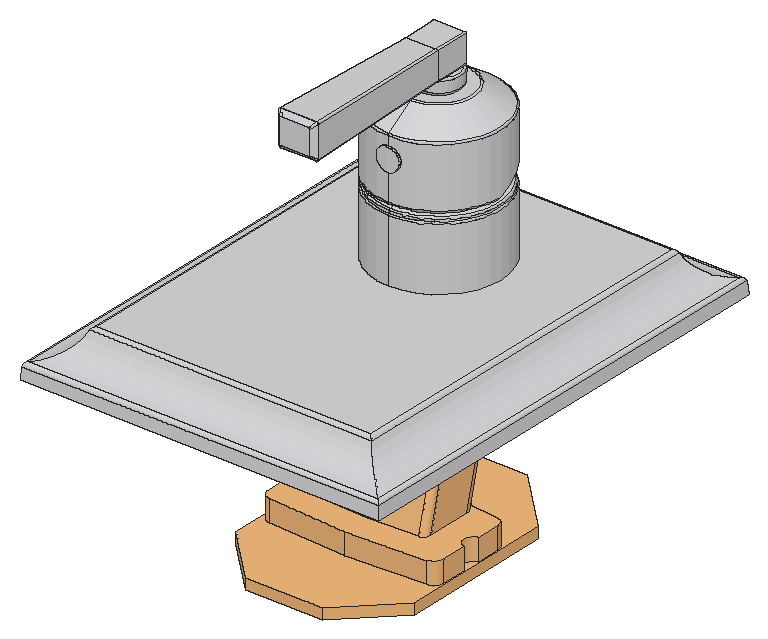
Revit family "Shower-Valve_Trim-KOHLER-MODULO-K-99961T", category Plumbing Fixtures, host Face, Revit 2017
Family settings
  Host = Face
  Round Connector Dimension = Use Diameter
  Part Type = Normal
  OmniClass Number = 23.31.25.00
  OmniClass Title = Toilet and Bath Specialties
  Cut with Voids When Loaded = No
  Shared = No
  Room Calculation Point = No
Parameters (values of type "CP-Polished Chrome")
  Width = 5 131/256"  # constant formula
  WaterSense Certified = 1 = 0  # no
  Waste Water Outlet = "Waste Water Outlet"  # constant formula
  Waste Connection = 1 = 0  # no
  Vent Connection = 1 = 0  # no
  URL = "http://www.kohler.com.cn/"
  Type = 1
  Tempered Water Outlet = "Tempered Water Outlet "  # constant formula
  Product Page URL = ""
  Product Name = "MODULO\r\n"  # constant formula
  Product Documentation Link = "https://files.kohler.com.cn/pdfs/1592901839859_1403890-2_A1（99960T,99961T,99962T,99963T,99964T,99965T).pdf"
  Pressure = 0.00 psi
  Panel Thickness = 0"
  Model = if(Type = 1, "K-99961T-4V-CP", if(Type = 2, "K-99961T-4V-BL", "NA"))  # "K-99961T-4V-CP"
  Material = "Premium Metal Construction"  # constant formula
  Master Format 2014 Name = "Residential Showers"  # constant formula
  Master Format 2014 = "22 42 23"  # constant formula
  Manufacturer Address = "Kohler Beijing Office (100016)\n36-2-03-B, No. 88, Liuxiang Road, Beijing"  # constant formula
  Manufacturer = "KOHLER Co."  # constant formula
  Length = 3 25/32"  # constant formula
  Hot Water Inlet = "Hot Water Inlet"  # constant formula
  Height = 7 11/128"  # constant formula
  HW Connection = 1 = 1  # yes
  Flow Rate = 0 GPM
  Finish = Kohler-Metal-CP-Polished_Chrome
  Environmental Product Declaration = ""
  Drain Included = 1 = 0  # no
  Description = "Smart formula-shaped in-wall shower valve core and panel—classic"  # constant formula
  Default Elevation = 42"
  Declare Label = ""
  Date Modified = "09/30/2020"  # constant formula
  Date Created = "09/30/2020"  # constant formula
  Copyright = "Copyright KOHLER Co."  # constant formula
  Contact Us = "http://www.kohler.com.cn/contact/contact-us/"
  Cold Water Inlet = "Cold Water Inlet"  # constant formula
  CW Connection = 1 = 1  # yes
  Assembly Code = "D2010700"
  ADA Compliant = 1 = 0  # no
Types (3): name | Type | Model | Finish
  (no name) | 1 | "K-99961T-4V-CP" | Kohler-Metal-CP-Polished_Chrome
  CP-Polished Chrome | 1 | "K-99961T-4V-CP" | Kohler-Metal-CP-Polished_Chrome
  BL-Matte Black | 2 | "K-99961T-4V-BL" | Kohler-Metal-BL-Matte_Black
Reference planes (in)
  plane 1 "Center (Front/Back)": y = 0
  plane 2: z = 0
  plane 3 "Center (Left/Right)": x = 0
  plane 4: y = 3.54331
  plane 5: x = 2.75591
  plane 6: y = -1.7126
  plane 7: y = 1.04331
  plane 8: y = -3.54263
  plane 9: x = -2.75581
  plane 10: y = 2.00787
  plane 11: x = 0.96457
  plane 12: x = -0.96457
  plane 13: y = 0.07874
  plane 14: z = 3.78125
Forms (in)
  Extrusion 1, void
    sketch origin (0, 0, 0) x (0, 1, 0) y (0, 0, 1)
      loop
        line (2.25787, 0) -> (-2.24213, 0) -> (-2.24213, -3) -> (2.25787, -3) -> (2.25787, 0)
    from -2.10686 to 2.15381
Dimensions and locks (in)
  "Width": plane 9 to plane 5
  "Height": plane 8 to plane 4
  "Length": plane 14 to level
  aligned and locked: plane 2 to host face
  aligned and locked: level to host face
Automatic sketch dimensions
  host sketch curve to host sketch curve = 96"  (x2)
  Extrusion 1 sketch curve to level = 0"
  plane 6 to Extrusion 1 sketch curve = 0.52953"
  plane 10 to Extrusion 1 sketch curve = 1/4"
  Extrusion 1 sketch curve to level = 3"
Nested families (in)
  nested 1: "K-99961T" at (0, 0, 0), type "K-99961T"
Connectors (in)
  piping at (0.96457, -0.08858, -2.84375), diameter 0.5, driven by "CW Connection", driven by "Cold Water Inlet"
    settings: on nested 1, index 5, connector inside diameter 24", connector length 0", flow factor 0, pipe flow 0 GPM, pressure drop 0.00 psi, fitting loss kfactor 0, connector angle 0.00°, fixture units 0, engagement length 0", angle of deflection 0.00°, flow configuration 0, flow direction 1, fitting loss method 0, system type 20, joint type 0, gender type 0, connector reference index -1, connector utility 1, adjustable connector yes, is connector primary yes, connector description "Cold Water Inlet"
  piping at (-0.96457, -0.08858, -2.84375), diameter 0.5, driven by "HW Connection", driven by "HW Connection", driven by "Hot Water Inlet"
    settings: on nested 1, index 7, connector inside diameter 24", connector length 0", flow factor 0, pipe flow 0 GPM, pressure drop 0.00 psi, fitting loss kfactor 0, connector angle 0.00°, fixture units 0, engagement length 0", angle of deflection 0.00°, flow configuration 0, flow direction 1, fitting loss method 0, system type 19, joint type 0, gender type 0, connector reference index -1, connector utility 1, adjustable connector yes, is connector primary no, connector description "Hot Water Inlet"
  piping at (0, 0.87598, -2.84375), diameter 0.5, driven by "HW Connection", driven by "Tempered Water Outlet"
    settings: on nested 1, index 8, connector inside diameter 24", connector length 0", flow factor 0, pipe flow 0 GPM, pressure drop 0.00 psi, fitting loss kfactor 0, connector angle 0.00°, fixture units 0, engagement length 0", angle of deflection 0.00°, flow configuration 0, flow direction 2, fitting loss method 0, system type 19, joint type 0, gender type 0, connector reference index -1, connector utility 1, adjustable connector no, is connector primary no, connector description "Tempered Water Outlet "
  piping at (-0.96457, -0.08858, -2.84375), diameter 0.5, driven by "HW Connection", driven by "Hot Water Inlet"
    settings: on nested 1, index 9, connector inside diameter 24", connector length 0", flow factor 0, pipe flow 0 GPM, pressure drop 0.00 psi, fitting loss kfactor 0, connector angle 0.00°, fixture units 0, engagement length 0", angle of deflection 0.00°, flow configuration 0, flow direction 2, fitting loss method 0, system type 19, joint type 0, gender type 0, connector reference index -1, connector utility 1, adjustable connector no, is connector primary no, connector description "Hot Water Inlet"
Definition of nested family "K-99961T"
  Parameters (values of type "K-99961T")
    Material = none
  Reference planes (in)
    plane 1 "Center (Front/Back)": y = 0
    plane 2: z = 0
    plane 3 "Center (Left/Right)": x = 0
    plane 4: x = -2.75591
    plane 5: x = 2.75591
    plane 6: y = 3.54331
    plane 7: y = -3.54331
    plane 8: z = 0.66929
    plane 9 "X": y = 1.04331
    plane 10: y = 2.00787
    plane 11: y = 0.07874
    plane 12: x = -0.96457
    plane 13: x = 0.96457
    plane 14: y = -1.7126
    plane 15: z = 3.77936
  Forms (in)
    Sweep 1, solid, material <- "Material", detail levels medium+fine
      path origin (0, 0, 0) x (1, 0, 0) y (0, 1, 0)
        loop
          line (-2.75591, 3.54331) -> (-2.75591, -3.54331) -> (2.75591, -3.54331) -> (2.75591, 3.54331) -> (-2.75591, 3.54331)
      profile origin (0, 3.54331, 0) x (0, 1, 0) y (0, 0, 1)
        loop
          line (0, 0) -> (-0.01602, 0.18307)
          arc (-0.01602, 0.18307) -> (-0.03369, 0.22088) -> (-0.07158, 0.23842) r 0.06087
          arc (-0.07158, 0.23842) -> (-0.39037, 0.35915) -> (-0.59715, 0.63016) r 0.61997
          arc (-0.59715, 0.63016) -> (-0.61978, 0.65858) -> (-0.6545, 0.66929) r 0.06159
          line (-0.6545, 0.66929) -> (-0.88419, 0.66929) -> (-0.88419, 0) -> (0, 0)
    Extrusion 2, solid, material <- "Material", detail levels medium+fine
      sketch origin (0, 0, 0) x (1, 0, 0) y (0, 1, 0)
        loop
          line (-1.87172, 2.65912) -> (-1.87172, -2.65912) -> (1.87172, -2.65912) -> (1.87172, 2.65912) -> (-1.87172, 2.65912)
      from 0 to 0.66929
    Revolve 3, solid, material <- "Material", detail levels medium+fine
      sketch origin (0, 0, 0) x (0, 1, 0) y (0, 0, 1)
        loop
          line (1.04331, 0.66929) -> (1.04331, 2.18504) -> (0.35689, 2.18504)
          arc (0.35689, 2.18504) -> (0.29571, 2.03709) -> (0.27963, 1.8778) r 0.55127
          arc (0.27963, 1.8778) -> (0.25305, 1.78842) -> (0.1768, 1.73474) r 0.14216
          line (0.1768, 1.73474) -> (0.11785, 1.71784)
          arc (0.11785, 1.71784) -> (0.10351, 1.70798) -> (0.09799, 1.69148) r 0.02743
          line (0.09799, 1.69148) -> (0.09799, 1.65911)
          arc (0.09799, 1.65911) -> (0.08419, 1.65122) -> (0.07874, 1.63629) r 0.02315
          line (0.07874, 1.63629) -> (0.07874, 0.66929) -> (1.04331, 0.66929)
        axis (1.04331, 2.18504) -> (1.04331, 0.66929)
      angle from 0 to 360
    Revolve 4, solid, material <- "Material", detail levels medium+fine
      sketch origin (0, 0, 0) x (0, 1, 0) y (0, 0, 1)
        loop
          line (1.04331, 3.27363) -> (0.7333, 3.27363)
          arc (0.7333, 3.27363) -> (0.71555, 3.26606) -> (0.70874, 3.248) r 0.02458
          line (0.70874, 3.248) -> (0.71597, 3.07849)
          arc (0.71597, 3.07849) -> (0.72403, 3.05686) -> (0.74326, 3.04409) r 0.03736
          line (0.74326, 3.04409) -> (0.53559, 3.04409)
          arc (0.53559, 3.04409) -> (0.51899, 3.04161) -> (0.50383, 3.03438) r 0.0568
          line (0.50383, 3.03438) -> (0.09565, 2.75906)
          arc (0.09565, 2.75906) -> (0.08323, 2.74527) -> (0.07874, 2.72727) r 0.03835
          line (0.07874, 2.72727) -> (0.07874, 1.81617)
          arc (0.07874, 1.81617) -> (0.08813, 1.79351) -> (0.11078, 1.78413) r 0.03204
          line (0.11078, 1.78413) -> (1.04331, 1.78413) -> (1.04331, 3.27363)
        axis (1.04331, 3.27363) -> (1.04331, 1.78413)
      angle from 0 to 360
    Extrusion 5, solid, material <- "Material", detail levels medium+fine
      sketch origin (0, 0, 0) x (1, 0, 0) y (0, 0, 1)
        loop
          circle (0, 2.4221) r 0.17545
      from -0.33104 to 0.12575
    Extrusion 6, void, detail levels medium+fine
      sketch origin (0, 0, 0) x (0, 1, 0) y (0, 0, 1)
        loop
          line (0.81683, 1.75031) -> (2.06964, 1.75031) -> (2.06964, 2.18168) -> (0.81683, 1.75031)
      from -1.33673 to 1.49057
    Extrusion 7, void, detail levels medium+fine
      sketch origin (0, 0.05536, 0) x (1, 0, 0) y (0, 1, 0)
        loop
          line (-0.44538, 0.09826) -> (-0.44538, -0.25416) -> (0.43086, -0.25416) -> (0.43086, 0.09155)
          arc (0.43086, 0.09155) -> (-0.008, -0.0014) -> (-0.44538, 0.09826) r 1.04474
      from 2.18504 to 2.73281
    Extrusion 8, solid, detail levels medium+fine
      sketch origin (0.00389, -0.00101, 0) x (1, 0, 0) y (0, 1, 0)
        loop
          line (-0.97075, -3.0154) -> (0.96626, -3.0154)
          arc (0.96626, -3.0154) -> (1.67336, -2.72251) -> (1.96626, -2.0154) r 1
          line (1.96626, -2.0154) -> (1.96626, 2.00822)
          arc (1.96626, 2.00822) -> (1.67336, 2.71533) -> (0.96626, 3.00822) r 1
          line (0.96626, 3.00822) -> (-0.97075, 3.00822)
          arc (-0.97075, 3.00822) -> (-1.67786, 2.71533) -> (-1.97075, 2.00822) r 1
          line (-1.97075, 2.00822) -> (-1.97075, -2.0154)
          arc (-1.97075, -2.0154) -> (-1.67786, -2.72251) -> (-0.97075, -3.0154) r 1
      from -0.07982 to 0
    Sweep 9, solid, detail levels medium+fine
      path origin (-0.00043, 0.00916, -0.00479) x (0, 1, 0) y (0, 0, 1)
        loop
          line (0.78311, -2.79502) -> (1.53342, 0.00517)
      profile origin (-0.00043, 1.16742, -1.39971) x (0, -0.965926, 0.258819) y (1, 0, 0)
        loop
          arc (0.25209, 0.486) -> (0.21961, 0.41977) -> (0.15089, 0.39299) r 0.10156
          line (0.15089, 0.39299) -> (0.11122, 0.39299)
          arc (0.11122, 0.39299) -> (0.04154, 0.36496) -> (0.01069, 0.29648) r 0.10061
          line (0.01069, 0.29648) -> (-0.00149, -0.00225) -> (0.01066, -0.30006)
          arc (0.01066, -0.30006) -> (0.0418, -0.36919) -> (0.11214, -0.39749) r 0.10156
          line (0.11214, -0.39749) -> (0.14307, -0.39749)
          arc (0.14307, -0.39749) -> (0.2118, -0.42427) -> (0.24427, -0.4905) r 0.10156
          line (0.24427, -0.4905) -> (0.26949, -0.78891)
          arc (0.26949, -0.78891) -> (0.30197, -0.85514) -> (0.37069, -0.88192) r 0.10156
          line (0.37069, -0.88192) -> (1.05187, -0.88192)
          arc (1.05187, -0.88192) -> (1.12185, -0.85397) -> (1.1533, -0.7855) r 0.10156
          line (1.1533, -0.7855) -> (1.19295, -0.00225) -> (1.15469, 0.75366)
          arc (1.15469, 0.75366) -> (1.12323, 0.82213) -> (1.05326, 0.85008) r 0.10156
          line (1.05326, 0.85008) -> (0.3762, 0.85008)
          arc (0.3762, 0.85008) -> (0.30747, 0.8233) -> (0.27499, 0.75707) r 0.10156
          line (0.27499, 0.75707) -> (0.25209, 0.486)
    Extrusion 10, solid, detail levels medium+fine
      sketch origin (-0.00287, -0.00469, 0) x (1, 0, 0) y (0, 1, 0)
        loop
          arc (0.69439, 0.69724) -> (0.61884, 0.7345) -> (0.5883, 0.81301) r 0.11622
          line (0.5883, 0.81301) -> (0.5883, 0.86632)
          arc (0.5883, 0.86632) -> (0.53381, 1.00191) -> (0.40063, 1.06208) r 0.19594
          line (0.40063, 1.06208) -> (-0.00225, 1.07909) -> (-0.40572, 1.06206)
          arc (-0.40572, 1.06206) -> (-0.53848, 1.00208) -> (-0.5928, 0.86692) r 0.19531
          line (-0.5928, 0.86692) -> (-0.5928, 0.8139)
          arc (-0.5928, 0.8139) -> (-0.62359, 0.73473) -> (-0.69977, 0.69716) r 0.11719
          line (-0.69977, 0.69716) -> (-1.21517, 0.65207)
          arc (-1.21517, 0.65207) -> (-1.31168, 0.60448) -> (-1.35067, 0.5042) r 0.14844
          line (-1.35067, 0.5042) -> (-1.35067, 0.146)
          arc (-1.35067, 0.146) -> (-1.24319, -0.00359) -> (-1.35067, -0.15318) r 0.15784
          line (-1.35067, -0.15318) -> (-1.35067, -0.53234)
          arc (-1.35067, -0.53234) -> (-1.30991, -0.63452) -> (-1.21, -0.68058) r 0.14844
          line (-1.21, -0.68058) -> (-0.00225, -0.74387) -> (1.20551, -0.68058)
          arc (1.20551, -0.68058) -> (1.30541, -0.63452) -> (1.34618, -0.53234) r 0.14844
          line (1.34618, -0.53234) -> (1.34618, -0.15318)
          arc (1.34618, -0.15318) -> (1.23674, -0.00359) -> (1.34618, 0.146) r 0.15696
          line (1.34618, 0.146) -> (1.34618, 0.50371)
          arc (1.34618, 0.50371) -> (1.30704, 0.60435) -> (1.2102, 0.65211) r 0.14896
          line (1.2102, 0.65211) -> (0.69439, 0.69724)
      from -2.82199 to -2.34889
    Extrusion 11, solid, detail levels medium+fine
      sketch origin (-0.0027, 0.06235, 0) x (1, 0, 0) y (0, 1, 0)
        loop
          line (-1.3802, 1.17751) -> (-1.3802, -1.18469) -> (-0.5928, -1.97209) -> (0.5883, -1.97209) -> (1.3757, -1.18469) -> (1.3757, 1.17751) -> (0.46527, 2.08795) -> (-0.46977, 2.08795) -> (-1.3802, 1.17751)
      from -2.84375 to -2.67717
    Extrusion 12, void
      sketch origin (0, 0, 0) x (0, 1, 0) y (0, 0, 1)
        loop
          line (1.63016, -0.07982) -> (1.63016, 0.45683) -> (-0.0046, 0.45683) -> (-0.0046, -0.07982) -> (1.63016, -0.07982)
      from -1.35355 to 1.7037
    Extrusion 13, solid, detail levels coarse
      sketch origin (0, 0, 0) x (1, 0, 0) y (0, 1, 0)
        loop
          line (-1.3829, 1.23987) -> (-1.3829, -1.12234) -> (-0.5955, -1.90974) -> (0.58561, -1.90974) -> (1.37301, -1.12234) -> (1.37301, 1.23987) -> (0.46258, 2.1503) -> (-0.47246, 2.1503) -> (-1.3829, 1.23987)
      from 0 to -2.84375
    Extrusion 14, solid, detail levels medium+fine
      sketch origin (0, -1.13189, 0) x (1, 0, 0) y (0, 1, 0)
        loop
          circle (-0.96457, 1.04331) r 0.07874
        loop
          circle (0, 2.00787) r 0.07874
        loop
          circle (0.96457, 1.04331) r 0.07874
      from -2.67717 to -2.84375
    Extrusion 15, solid, material <- "Material", detail levels coarse
      sketch origin (0, 0, 0) x (1, 0, 0) y (0, 1, 0)
        loop
          line (2.75591, 3.54331) -> (-2.75591, 3.54331) -> (-2.75591, -3.54331) -> (2.75591, -3.54331) -> (2.75591, 3.54331)
      from 0 to 0.66929
    Revolve 16, solid, material <- "Material", detail levels coarse
      sketch origin (0, 0, 0) x (0, 1, 0) y (0, 0, 1)
        loop
          line (1.04331, 0.66929) -> (1.04331, 3.33575) -> (0.65238, 3.33575) -> (0.65238, 3.04409) -> (0.51639, 3.04409) -> (0.07874, 2.7489) -> (0.07874, 0.66929) -> (1.04331, 0.66929)
        axis (1.04331, 3.33575) -> (1.04331, 0.66929)
      angle from 0 to 360
    Extrusion 17, solid, material <- "Material", detail levels coarse
      sketch origin (0, 0, 0) x (0, 1, 0) y (0, 0, 1)
        loop
          line (-1.76181, 3.86394) -> (-1.76181, 3.18084) -> (1.28937, 3.18084) -> (1.28937, 3.86394) -> (-1.76181, 3.86394)
      from -0.27494 to 0.28987
    Blend 18, solid, material <- "Material", detail levels medium+fine
      base sketch origin (0, 0, -0.04152) x (1, 0, 0) y (0, 0, 1)
        loop
          line (0.22861, 3.76883) -> (-0.22861, 3.76883)
          arc (-0.22861, 3.76883) -> (-0.24329, 3.76275) -> (-0.24937, 3.74807) r 0.02076
          line (-0.24937, 3.74807) -> (-0.24937, 3.33477)
          arc (-0.24937, 3.33477) -> (-0.24361, 3.32085) -> (-0.22969, 3.31508) r 0.01969
          line (-0.22969, 3.31508) -> (0.22969, 3.31508)
          arc (0.22969, 3.31508) -> (0.24361, 3.32085) -> (0.24937, 3.33477) r 0.01969
          line (0.24937, 3.33477) -> (0.24937, 3.74807)
          arc (0.24937, 3.74807) -> (0.24329, 3.76275) -> (0.22861, 3.76883) r 0.02076
      top sketch origin (0, 0, -0.04152) x (1, 0, 0) y (0, 0, 1)
        loop
          line (0.27008, 3.82088) -> (-0.27008, 3.82088)
          arc (-0.27008, 3.82088) -> (-0.29239, 3.81164) -> (-0.30163, 3.78934) r 0.03154
          line (-0.30163, 3.78934) -> (-0.30163, 3.30785)
          arc (-0.30163, 3.30785) -> (-0.2924, 3.28558) -> (-0.27013, 3.27635) r 0.0315
          line (-0.27013, 3.27635) -> (0.27013, 3.27635)
          arc (0.27013, 3.27635) -> (0.2924, 3.28558) -> (0.30163, 3.30785) r 0.0315
          line (0.30163, 3.30785) -> (0.30163, 3.78934)
          arc (0.30163, 3.78934) -> (0.29239, 3.81164) -> (0.27008, 3.82088) r 0.03154
      from -0.71237 to 1.64213
    Blend 19, solid, material <- "Material", detail levels medium+fine
      base sketch origin (0, 0, 0) x (1, 0, 0) y (0, 0, 1)
        loop
          line (-0.30163, 3.74935) -> (-0.30163, 3.26786)
          arc (-0.30163, 3.26786) -> (-0.2924, 3.24559) -> (-0.27013, 3.23637) r 0.0315
          line (-0.27013, 3.23637) -> (0.27013, 3.23637)
          arc (0.27013, 3.23637) -> (0.2924, 3.24559) -> (0.30163, 3.26786) r 0.0315
          line (0.30163, 3.26786) -> (0.30163, 3.74935)
          arc (0.30163, 3.74935) -> (0.29239, 3.77165) -> (0.27008, 3.78089) r 0.03154
          line (0.27008, 3.78089) -> (-0.27008, 3.78089)
          arc (-0.27008, 3.78089) -> (-0.29239, 3.77165) -> (-0.30163, 3.74935) r 0.03154
      top sketch origin (0, 0, 0) x (1, 0, 0) y (0, 0, 1)
        loop
          line (0.20789, 3.70517) -> (-0.20789, 3.70517)
          arc (-0.20789, 3.70517) -> (-0.22201, 3.69932) -> (-0.22787, 3.68519) r 0.01998
          line (-0.22787, 3.68519) -> (-0.22787, 3.32555)
          arc (-0.22787, 3.32555) -> (-0.22166, 3.31056) -> (-0.20667, 3.30435) r 0.0212
          line (-0.20667, 3.30435) -> (0.20667, 3.30435)
          arc (0.20667, 3.30435) -> (0.22166, 3.31056) -> (0.22787, 3.32555) r 0.0212
          line (0.22787, 3.32555) -> (0.22787, 3.68519)
          arc (0.22787, 3.68519) -> (0.22201, 3.69932) -> (0.20789, 3.70517) r 0.01998
      from 1.64213 to 1.7126
    Extrusion 20, solid, material <- "Material", detail levels medium+fine
      sketch origin (0, 0, 0) x (1, 0, 0) y (0, 0, 1)
        loop
          arc (-0.22861, 3.72731) -> (-0.24329, 3.72123) -> (-0.24937, 3.70655) r 0.02076
          line (-0.24937, 3.70655) -> (-0.24937, 3.29324)
          arc (-0.24937, 3.29324) -> (-0.24361, 3.27932) -> (-0.22969, 3.27356) r 0.01969
          line (-0.22969, 3.27356) -> (0.22969, 3.27356)
          arc (0.22969, 3.27356) -> (0.24361, 3.27932) -> (0.24937, 3.29324) r 0.01969
          line (0.24937, 3.29324) -> (0.24937, 3.70655)
          arc (0.24937, 3.70655) -> (0.24329, 3.72123) -> (0.22861, 3.72731) r 0.02076
          line (0.22861, 3.72731) -> (-0.22861, 3.72731)
      from -1.25963 to -0.71237
  Cuts and joins
    Extrusion 6 cuts Revolve 4
    Extrusion 7 cuts Extrusion 5
    joined: Sweep 1, Extrusion 2, Revolve 3, Revolve 4, Extrusion 5, Blend 19
    Extrusion 12 cuts Sweep 9
    joined: Extrusion 8, Sweep 9, Extrusion 10, Extrusion 11
    joined: Extrusion 15, Revolve 16, Extrusion 17
    joined: Blend 18, Extrusion 20
  Lines and regions (in)
    Masking region 1
      outline origin (0, 0, 0) x (0, 1, 0) y (0, 0, 1)
        loop
          line (3.54331, 0) -> (3.52695, 0.18698)
          spline (3.52695, 0.18698) -> (3.52481, 0.19392) -> (3.52221, 0.20054) -> (3.51918, 0.20678) -> (3.51574, 0.21258) -> (3.51193, 0.21789) -> (3.50779, 0.22265) -> (3.50334, 0.22682) -> (3.49864, 0.23035) -> (3.49372, 0.23323) -> (3.48864, 0.23542) -> (3.48345, 0.23689) -> (3.47818, 0.23765)
          arc (3.47818, 0.23765) -> (3.15449, 0.358) -> (2.94521, 0.6326) r 0.61997
          spline (2.94521, 0.6326) -> (2.94174, 0.63848) -> (2.93795, 0.64393) -> (2.93386, 0.64892) -> (2.9295, 0.65343) -> (2.9249, 0.65741) -> (2.9201, 0.66085) -> (2.91512, 0.66371) -> (2.91, 0.66599) -> (2.90478, 0.66766) -> (2.89949, 0.6687) -> (2.89416, 0.66913) -> (2.88883, 0.66892)
          line (2.88883, 0.66892) -> (2.00787, 0.66892) -> (2.00787, 1.63628)
          arc (2.00787, 1.63628) -> (2.00242, 1.65121) -> (1.98863, 1.65911) r 0.02316
          line (1.98863, 1.65911) -> (1.98863, 1.69338)
          arc (1.98863, 1.69338) -> (1.9834, 1.70878) -> (1.96988, 1.71782) r 0.0253
          line (1.96988, 1.71782) -> (1.91616, 1.73221)
          arc (1.91616, 1.73221) -> (1.84045, 1.7826) -> (1.81074, 1.86856) r 0.14224
          arc (1.81074, 1.86856) -> (1.80226, 1.97616) -> (1.77857, 2.08146) r 0.75726
          line (1.77857, 2.08146) -> (2.00787, 2.16042) -> (2.00787, 2.72567)
          arc (2.00787, 2.72567) -> (2.00276, 2.74618) -> (1.98862, 2.76189) r 0.04368
          line (1.98862, 2.76189) -> (1.58987, 3.03085)
          arc (1.58987, 3.03085) -> (1.56919, 3.04071) -> (1.54654, 3.04409) r 0.0775
          line (1.54654, 3.04409) -> (1.34335, 3.04409)
          arc (1.34335, 3.04409) -> (1.36249, 3.06213) -> (1.37029, 3.08724) r 0.05173
          line (1.37029, 3.08724) -> (1.37733, 3.24614)
          arc (1.37733, 3.24614) -> (1.36929, 3.26709) -> (1.34847, 3.27548) r 0.02811
          line (1.34847, 3.27548) -> (1.25963, 3.27548) -> (1.25963, 3.69934)
          arc (1.25963, 3.69934) -> (1.25441, 3.71627) -> (1.24055, 3.72731) r 0.03004
          line (1.24055, 3.72731) -> (0.71234, 3.72731) -> (-1.64353, 3.77939) -> (-1.7126, 3.70517) -> (-1.7126, 3.30435) -> (-1.64306, 3.23482) -> (0.72691, 3.2738)
          arc (0.72691, 3.2738) -> (0.71378, 3.26591) -> (0.70905, 3.25134) r 0.02186
          line (0.70905, 3.25134) -> (0.71632, 3.08724)
          arc (0.71632, 3.08724) -> (0.72412, 3.06213) -> (0.74326, 3.04409) r 0.05173
          line (0.74326, 3.04409) -> (0.54008, 3.04409)
          arc (0.54008, 3.04409) -> (0.51742, 3.04071) -> (0.49674, 3.03085) r 0.0775
          line (0.49674, 3.03085) -> (0.098, 2.76189)
          arc (0.098, 2.76189) -> (0.08385, 2.74618) -> (0.07874, 2.72567) r 0.04368
          line (0.07874, 2.72567) -> (0.07874, 2.61784) -> (0.05419, 2.59724) -> (0.05419, 2.24821) -> (0.07874, 2.22367) -> (0.07874, 1.82233)
          arc (0.07874, 1.82233) -> (0.09003, 1.79508) -> (0.11728, 1.78379) r 0.03854
          line (0.11728, 1.78379) -> (0.24708, 1.78379)
          arc (0.24708, 1.78379) -> (0.21307, 1.75161) -> (0.17045, 1.73221) r 0.14224
          line (0.17045, 1.73221) -> (0.11674, 1.71782)
          arc (0.11674, 1.71782) -> (0.10321, 1.70878) -> (0.09799, 1.69338) r 0.0253
          line (0.09799, 1.69338) -> (0.09799, 1.65911)
          arc (0.09799, 1.65911) -> (0.08419, 1.65121) -> (0.07874, 1.63628) r 0.02316
          line (0.07874, 1.63628) -> (0.07874, 0.66892) -> (-2.88883, 0.66892)
          spline (-2.88883, 0.66892) -> (-2.89416, 0.66913) -> (-2.89949, 0.6687) -> (-2.90478, 0.66766) -> (-2.91, 0.66599) -> (-2.91512, 0.66371) -> (-2.9201, 0.66085) -> (-2.9249, 0.65741) -> (-2.9295, 0.65343) -> (-2.93386, 0.64892) -> (-2.93795, 0.64393) -> (-2.94174, 0.63848) -> (-2.94521, 0.6326)
          arc (-2.94521, 0.6326) -> (-3.15449, 0.358) -> (-3.4782, 0.23791) r 0.61997
          spline (-3.4782, 0.23791) -> (-3.48345, 0.23689) -> (-3.48864, 0.23542) -> (-3.49372, 0.23323) -> (-3.49864, 0.23035) -> (-3.50334, 0.22682) -> (-3.50779, 0.22265) -> (-3.51193, 0.21789) -> (-3.51574, 0.21258) -> (-3.51918, 0.20678) -> (-3.52221, 0.20054) -> (-3.52481, 0.19392) -> (-3.52695, 0.18698)
          line (-3.52695, 0.18698) -> (-3.54331, 0) -> (3.54331, 0)
    Masking region 2
      outline origin (0, 0, 0) x (0, 1, 0) y (0, 0, 1)
        loop
          line (3.00721, -0.07982) -> (3.00721, 0) -> (-3.01641, 0) -> (-3.01641, -0.07982) -> (0.3255, -0.07982) -> (-0.32195, -2.34889) -> (-0.74856, -2.34889) -> (-0.74856, -2.67717) -> (-1.90974, -2.67717) -> (-1.90974, -2.84375) -> (2.1503, -2.84375) -> (2.1503, -2.67717) -> (1.38486, -2.67717) -> (1.0744, -2.67717) -> (1.0744, -2.34889) -> (0.91463, -2.34889) -> (1.52262, -0.07982) -> (3.00721, -0.07982)
    Masking region 3
      outline origin (0, 0, 0) x (1, 0, 0) y (0, 0, 1)
        loop
          spline (2.15781, 0.6326) -> (2.15459, 0.63808) -> (2.15108, 0.6432) -> (2.14732, 0.64793) -> (2.14332, 0.65224) -> (2.13911, 0.6561) -> (2.1347, 0.6595) -> (2.13014, 0.66241) -> (2.12543, 0.66481) -> (2.12062, 0.6667) -> (2.11573, 0.66805) -> (2.11079, 0.66887) -> (2.10582, 0.66929)
          line (2.10582, 0.66929) -> (0.96457, 0.66929) -> (0.96457, 1.63383)
          arc (0.96457, 1.63383) -> (0.95921, 1.64971) -> (0.94532, 1.65911) r 0.02623
          line (0.94532, 1.65911) -> (0.94532, 1.69152)
          arc (0.94532, 1.69152) -> (0.9396, 1.70836) -> (0.92482, 1.71824) r 0.02766
          line (0.92482, 1.71824) -> (0.87494, 1.7316)
          arc (0.87494, 1.7316) -> (0.83082, 1.75142) -> (0.7952, 1.78413) r 0.15147
          line (0.7952, 1.78413) -> (0.92813, 1.78413)
          arc (0.92813, 1.78413) -> (0.95389, 1.7948) -> (0.96457, 1.82057) r 0.03644
          line (0.96457, 1.82057) -> (0.96457, 2.71974)
          arc (0.96457, 2.71974) -> (0.95787, 2.74659) -> (0.93936, 2.76715) r 0.05718
          line (0.93936, 2.76715) -> (0.55058, 3.02939)
          arc (0.55058, 3.02939) -> (0.52781, 3.04025) -> (0.50285, 3.04398) r 0.08536
          line (0.50285, 3.04398) -> (0.30163, 3.04398)
          arc (0.30163, 3.04398) -> (0.32027, 3.05966) -> (0.32805, 3.08274) r 0.04516
          line (0.32805, 3.08274) -> (0.33473, 3.24757)
          arc (0.33473, 3.24757) -> (0.32468, 3.26861) -> (0.30163, 3.27215) r 0.02494
          line (0.30163, 3.27215) -> (0.30163, 3.74781)
          arc (0.30163, 3.74781) -> (0.29239, 3.77012) -> (0.27008, 3.77936) r 0.03154
          line (0.27008, 3.77936) -> (-0.27008, 3.77936)
          arc (-0.27008, 3.77936) -> (-0.29239, 3.77012) -> (-0.30163, 3.74781) r 0.03154
          line (-0.30163, 3.74781) -> (-0.30163, 3.27215)
          arc (-0.30163, 3.27215) -> (-0.32468, 3.26861) -> (-0.33473, 3.24757) r 0.02494
          line (-0.33473, 3.24757) -> (-0.32805, 3.08274)
          arc (-0.32805, 3.08274) -> (-0.32027, 3.05966) -> (-0.30163, 3.04398) r 0.04516
          line (-0.30163, 3.04398) -> (-0.50285, 3.04398)
          arc (-0.50285, 3.04398) -> (-0.52781, 3.04025) -> (-0.55058, 3.02939) r 0.08536
          line (-0.55058, 3.02939) -> (-0.93936, 2.76715)
          arc (-0.93936, 2.76715) -> (-0.95787, 2.74659) -> (-0.96457, 2.71974) r 0.05718
          line (-0.96457, 2.71974) -> (-0.96457, 1.82057)
          arc (-0.96457, 1.82057) -> (-0.95389, 1.7948) -> (-0.92813, 1.78413) r 0.03644
          line (-0.92813, 1.78413) -> (-0.7952, 1.78413)
          arc (-0.7952, 1.78413) -> (-0.83082, 1.75142) -> (-0.87494, 1.7316) r 0.15147
          line (-0.87494, 1.7316) -> (-0.92482, 1.71824)
          arc (-0.92482, 1.71824) -> (-0.9396, 1.70836) -> (-0.94532, 1.69152) r 0.02766
          line (-0.94532, 1.69152) -> (-0.94532, 1.65911)
          arc (-0.94532, 1.65911) -> (-0.95921, 1.64971) -> (-0.96457, 1.63383) r 0.02623
          line (-0.96457, 1.63383) -> (-0.96457, 0.66929) -> (-2.10582, 0.66914)
          spline (-2.10582, 0.66914) -> (-2.11079, 0.66887) -> (-2.11573, 0.66805) -> (-2.12062, 0.6667) -> (-2.12543, 0.66481) -> (-2.13014, 0.66241) -> (-2.1347, 0.6595) -> (-2.13911, 0.6561) -> (-2.14332, 0.65224) -> (-2.14732, 0.64793) -> (-2.15108, 0.6432) -> (-2.15459, 0.63808) -> (-2.15781, 0.6326)
          arc (-2.15781, 0.6326) -> (-2.36709, 0.358) -> (-2.69078, 0.23765) r 0.61997
          spline (-2.69078, 0.23765) -> (-2.69604, 0.23689) -> (-2.70124, 0.23542) -> (-2.70632, 0.23323) -> (-2.71124, 0.23035) -> (-2.71594, 0.22682) -> (-2.72038, 0.22265) -> (-2.72453, 0.21789) -> (-2.72834, 0.21258) -> (-2.73178, 0.20678) -> (-2.73481, 0.20054) -> (-2.73741, 0.19392) -> (-2.73955, 0.18698)
          line (-2.73955, 0.18698) -> (-2.75591, 0) -> (0.02642, 0) -> (2.75591, 0) -> (2.73955, 0.18698)
          spline (2.73955, 0.18698) -> (2.73741, 0.19392) -> (2.73481, 0.20054) -> (2.73178, 0.20678) -> (2.72834, 0.21258) -> (2.72453, 0.21789) -> (2.72038, 0.22265) -> (2.71594, 0.22682) -> (2.71124, 0.23035) -> (2.70632, 0.23323) -> (2.70124, 0.23542) -> (2.69604, 0.23689) -> (2.6908, 0.23791)
          arc (2.6908, 0.23791) -> (2.36709, 0.358) -> (2.15781, 0.6326) r 0.61997
    Masking region 4, detail levels medium+fine
      outline origin (0, 0, 0) x (1, 0, 0) y (0, 0, 1)
        loop
          line (1.97014, 0) -> (-1.97014, 0) -> (-1.97014, -0.07982) -> (-0.84966, -0.07982) -> (-0.84966, -2.34889) -> (-1.3433, -2.34889) -> (-1.3433, -2.67717) -> (-1.4086, -2.67717) -> (-1.4086, -2.84375) -> (0.04908, -2.84375) -> (1.4086, -2.84375) -> (1.4086, -2.67717) -> (1.3433, -2.67717) -> (1.3433, -2.34889) -> (0.84966, -2.34889) -> (0.84966, -0.07982) -> (1.97014, -0.07982) -> (1.97014, 0)
    Masking region 5
      outline origin (0, 0, 0) x (1, 0, 0) y (0, 1, 0)
        loop
          line (2.75591, 3.54331) -> (-2.75591, 3.54331) -> (-2.75591, -3.54331) -> (2.75591, -3.54331) -> (2.75591, 3.54331)
    symbolic lines, detail levels medium+fine
      curve 1: line (0, 2.00787, 0.66892) -> (0, 0.07874, 0.66892)
      curve 2: line (0, 3.52644, 0.1869) -> (0, -3.52644, 0.1869)
      curve 3: line (0, -3.47828, 0.23813) -> (0, 3.47828, 0.23813)
      curve 4: line (0, 2.9442, 0.62825) -> (0, -2.94424, 0.62825)
      curve 5: line (0, 2.00787, 1.63628) -> (0, 0.07874, 1.63628)
      curve 6: line (0, 1.98863, 1.65911) -> (0, 0.09799, 1.65911)
      curve 7: line (0, 1.98863, 1.69338) -> (0, 0.09799, 1.69338)
      curve 8: line (0, 1.96988, 1.71782) -> (0, 0.11674, 1.71782)
      curve 9: line (0, 0.24708, 1.78379) -> (0, 0.91874, 1.78379)
      curve 10: line (0, 0.91874, 1.78379) -> (0, 1.77857, 2.08146)
      curve 11: arc (0, 0.07874, 2.61784) -> (0, 0.09484, 2.42075) -> (0, 0.07874, 2.22367) r 1.21447
      curve 12: arc (0, 0.05419, 2.59724) -> (0, 0.06738, 2.42273) -> (0, 0.05419, 2.24821) r 1.16141
      curve 13: line (0, 2.00787, 2.72567) -> (0, 0.07874, 2.72567)
      curve 14: line (0, 1.98862, 2.76189) -> (0, 0.098, 2.76189)
      curve 15: line (0, 1.34335, 3.04409) -> (0, 0.74326, 3.04409)
      curve 16: line (0, 1.58987, 3.03085) -> (0, 0.49674, 3.03085)
      curve 17: line (0, 1.05739, -2.67717) -> (0, -0.74856, -2.67717)
      curve 18: line (0, 1.23987, -2.67717) -> (0, 1.23987, -2.84375)
      curve 19: line (0, -1.12234, -2.67717) -> (0, -1.12234, -2.84375)
      curve 20: line (0, 0.91463, -2.34889) -> (0, -0.32195, -2.34889)
      curve 21: line (0, -0.15787, -2.34889) -> (0, -0.15787, -2.67717)
      curve 22: line (0, 0.14132, -2.34889) -> (0, 0.14132, -2.67717)
      curve 23: line (0, 1.52262, -0.07982) -> (0, 0.3271, -0.07982)
      curve 24: line (0, 1.26819, -0.07982) -> (0, 0.63424, -2.34889)
      curve 25: line (0, 1.19594, -0.07982) -> (0, 0.52932, -2.34889)
      curve 26: line (0.96457, 0, 0.66929) -> (-0.96457, 0, 0.66929)
      curve 27: line (2.73989, 0, 0.18307) -> (-2.73989, 0, 0.18307)
      curve 28: line (-2.68436, 0, 0.23758) -> (2.68438, 0, 0.23758)
      curve 29: line (2.15684, 0, 0.62825) -> (-2.15924, 0, 0.62825)
      curve 30: line (0.96457, 0, 1.63383) -> (-0.96457, 0, 1.63383)
      curve 31: line (0.94532, 0, 1.65911) -> (-0.94532, 0, 1.65911)
      curve 32: line (0.94532, 0, 1.69152) -> (-0.94532, 0, 1.69152)
      curve 33: line (0.92482, 0, 1.71824) -> (-0.92482, 0, 1.71824)
      curve 34: arc (0.66646, 0, 2.07209) -> (0.33621, 0, 2.13902) -> (0, 0, 2.16146) r 2.52894
      curve 35: arc (0.92482, 0, 1.93162) -> (0.8038, 0, 2.01687) -> (0.66646, 0, 2.07209) r 0.64124
      curve 36: arc (0.96457, 0, 1.8519) -> (0.95233, 0, 1.89557) -> (0.92482, 0, 1.93162) r 0.12042
      curve 37: arc (0.52978, 0, 2.01326) -> (0.26705, 0, 2.06402) -> (0, 0, 2.08103) r 2.10457
      curve 38: arc (0.6785, 0, 1.9486) -> (0.60666, 0, 1.98673) -> (0.52978, 0, 2.01326) r 0.5232
      curve 39: arc (0.7952, 0, 1.78413) -> (0.75301, 0, 1.87783) -> (0.6785, 0, 1.9486) r 0.2665
      curve 40: arc (-0.66646, 0, 2.07209) -> (-0.33621, 0, 2.13902) -> (0, 0, 2.16146) r 2.52894
      curve 41: arc (-0.92482, 0, 1.93162) -> (-0.8038, 0, 2.01687) -> (-0.66646, 0, 2.07209) r 0.64124
      curve 42: arc (-0.96457, 0, 1.8519) -> (-0.95233, 0, 1.89557) -> (-0.92482, 0, 1.93162) r 0.12042
      curve 43: arc (-0.52978, 0, 2.01326) -> (-0.26705, 0, 2.06402) -> (0, 0, 2.08103) r 2.10457
      curve 44: arc (-0.6785, 0, 1.9486) -> (-0.60666, 0, 1.98673) -> (-0.52978, 0, 2.01326) r 0.5232
      curve 45: arc (-0.7952, 0, 1.78413) -> (-0.75301, 0, 1.87783) -> (-0.6785, 0, 1.9486) r 0.2665
      curve 46: line (0.96457, 0, 2.71974) -> (-0.96457, 0, 2.71974)
      curve 47: line (0.93936, 0, 2.76715) -> (-0.93936, 0, 2.76715)
      curve 48: line (0.30163, 0, 3.04398) -> (-0.30163, 0, 3.04398)
      curve 49: line (0.55058, 0, 3.02939) -> (-0.55058, 0, 3.02939)
      curve 50: line (0.8495, 0, -0.07982) -> (-0.84966, 0, -0.07982)
      curve 51: line (0.84966, 0, -2.34889) -> (-0.84966, 0, -2.34889)
      curve 52: line (1.3433, 0, -2.67717) -> (-1.35355, 0, -2.67717)
      curve 53: line (0.46258, 0, -2.67717) -> (0.46258, 0, -2.84375)
      curve 54: line (-0.47246, 0, -2.67717) -> (-0.47246, 0, -2.84375)
      curve 55: line (0.58543, 0, -2.34889) -> (0.58543, 0, -2.67717)
      curve 56: line (-0.59567, 0, -2.34889) -> (-0.59567, 0, -2.67717)
      curve 57: line (0.39776, 0, -2.34889) -> (0.39776, 0, -0.07982)
      curve 58: line (-0.39776, 0, -2.34889) -> (-0.39776, 0, -0.07982)
      curve 69: line (-2.68434, 3.4717, 0) -> (2.68434, 3.4717, 0)
      curve 70: line (-2.68434, 3.4717, 0) -> (-2.68434, -3.4717, 0)
      curve 71: line (2.68434, 3.4717, 0) -> (2.68434, -3.4717, 0)
      curve 72: line (-2.68434, -3.4717, 0) -> (2.68434, -3.4717, 0)
      curve 73: line (-2.1568, 2.94439, 0) -> (-2.1568, -2.94424, 0)
      curve 74: line (-2.1568, -2.94424, 0) -> (2.16105, -2.94424, 0)
      curve 75: line (2.16105, -2.94424, 0) -> (2.16105, 2.94439, 0)
      curve 76: line (2.16105, 2.94439, 0) -> (-2.1568, 2.94439, 0)
      curve 77: line (-2.10143, 2.88882, 0) -> (-2.10143, -2.88882, 0)
      curve 78: line (-2.10143, -2.88882, 0) -> (2.10143, -2.88882, 0)
      curve 79: line (2.10143, -2.88882, 0) -> (2.10143, 2.88882, 0)
      curve 80: line (2.10143, 2.88882, 0) -> (-2.10143, 2.88882, 0)
      curve 81: arc (0.26263, 0.11518, 0) -> (0, 2.00787, 0) -> (-0.26263, 0.11518, 0) r 0.96457
      curve 82: arc (0.26215, 0.13657, 0) -> (0, 1.98718, 0) -> (-0.26215, 0.13657, 0) r 0.94387
      curve 83: line (0, 1.37029, 3.08724) -> (0, 0.71632, 3.08724)
      curve 84: line (0.32805, 0, 3.08274) -> (-0.32805, 0, 3.08274)
      curve 85: arc (0.26159, 0.58154, 0) -> (0, 1.57402, 0) -> (-0.26159, 0.58154, 0) r 0.53071
      curve 86: arc (0.26119, 0.60335, 0) -> (0, 1.55496, 0) -> (-0.26119, 0.60335, 0) r 0.51165
      curve 87: arc (0.25054, 0.66001, 0) -> (0, 1.50122, 0) -> (-0.25054, 0.66001, 0) r 0.45791
      curve 88: arc (0.25001, 0.68364, 0) -> (0, 1.48133, 0) -> (-0.25001, 0.68364, 0) r 0.43803
      curve 89: arc (0.24937, 0.87646, 0) -> (0.30004, 1.04331, 0) -> (0.24937, 1.21016, 0) r 0.30004
      curve 90: arc (-0.24937, 0.87646, 0) -> (-0.30004, 1.04331, 0) -> (-0.24937, 1.21016, 0) r 0.30004
      curve 91: arc (0.19149, 1.31783, 0) -> (-0.25057, 1.26522, 0) -> (-0.24937, 0.82005, 0) r 0.33471
      curve 92: arc (0.24937, 0.82005, 0) -> (0.33247, 1.08197, 0) -> (0.19149, 1.31783, 0) r 0.33471
      curve 93: line (0, -1.64213, 3.77936) -> (0, -1.64213, 3.23637)
      curve 94: line (-0.24937, 1.25972, 0) -> (0.24937, 1.25972, 0)
      curve 95: line (0.30163, -1.64213, 0) -> (0.23116, -1.7126, 0)
      curve 96: line (0.23116, -1.7126, 0) -> (-0.23116, -1.7126, 0)
      curve 97: line (0.30163, -1.64213, 0) -> (-0.30163, -1.64213, 0)
      curve 98: arc (-0.20782, 1.25972, 0) -> (0, 1.34335, 0) -> (0.20782, 1.25972, 0) r 0.30004
      curve 99: line (-0.30163, -1.64213, 0) -> (-0.23116, -1.7126, 0)
      curve 100: line (-0.27013, 0, 3.23483) -> (0.27013, 0, 3.23483)
      curve 101: line (-0.20667, 0, 3.30435) -> (0.20667, 0, 3.30435)
      curve 102: line (0.22787, 0, 3.32555) -> (0.22787, 0, 3.68519)
      curve 103: line (-0.22787, 0, 3.68519) -> (-0.22787, 0, 3.32555)
      curve 104: line (0.20789, 0, 3.70517) -> (-0.20789, 0, 3.70517)
      curve 105: arc (-0.20789, 0, 3.70517) -> (-0.22201, 0, 3.69932) -> (-0.22787, 0, 3.68519) r 0.01998
      curve 106: arc (0.22787, 0, 3.68519) -> (0.22201, 0, 3.69932) -> (0.20789, 0, 3.70517) r 0.01998
      curve 107: arc (0.20667, 0, 3.30435) -> (0.22166, 0, 3.31056) -> (0.22787, 0, 3.32555) r 0.0212
      curve 108: arc (-0.22787, 0, 3.32555) -> (-0.22166, 0, 3.31056) -> (-0.20667, 0, 3.30435) r 0.0212
      curve 109: arc (0.27013, 0, 3.23483) -> (0.29454, 0, 3.24617) -> (0.30163, 0, 3.27215) r 0.03195
      curve 110: arc (-0.30163, 0, 3.27215) -> (-0.29454, 0, 3.24617) -> (-0.27013, 0, 3.23483) r 0.03195
      curve 111: line (0, 0.71237, 3.27457) -> (0, 1.25963, 3.27457)
      curve 112: line (0.24937, 1.25972, 0) -> (0.24937, 0.71237, 0)
      curve 113: line (0.24937, 0.71237, 0) -> (0.30163, -1.64213, 0)
      curve 114: line (0.24937, 0.71237, 0) -> (-0.24937, 0.71237, 0)
      curve 115: line (-0.24937, 1.25972, 0) -> (-0.24937, 0.71237, 0)
      curve 116: line (-0.24937, 0.71237, 0) -> (-0.30163, -1.64213, 0)
      curve 117: line (0, 0.71237, 3.27457) -> (0, 0.71237, 3.72731)
    symbolic lines, detail levels coarse
      curve 59: line (0, 0, -0.90883) -> (0.28371, 0, -0.74504)
      curve 60: line (0, 0, -0.90883) -> (0.28371, 0, -1.07263)
      curve 61: line (0.28371, 0, -0.74504) -> (0.28371, 0, -1.07263)
      curve 62: line (0, 0, -0.90883) -> (-0.28371, 0, -0.74504)
      curve 63: line (0, 0, -0.90883) -> (-0.28371, 0, -1.07263)
      curve 64: line (-0.28371, 0, -0.74504) -> (-0.28371, 0, -1.07263)
      curve 65: line (0, 0, -0.90883) -> (0, 0, -1.39291)
      curve 66: line (0, 0, -1.39291) -> (0.19685, 0, -1.39291)
      curve 67: line (0, 0, -1.39291) -> (-0.19685, 0, -1.39291)
      curve 68: arc (0.19685, 0, -1.39291) -> (0, 0, -1.52059) -> (-0.19685, 0, -1.39291) r 0.21559
  Dimensions and locks (in)
    locked: plane 4 to plane 5 at 5.51181
    locked: plane 7 to plane 6 at 7.08661
    locked: plane 8 to plane 2 at 0.66929
    locked: plane 9 "X" to plane 14 at 2.75591
    aligned and locked: plane 2 to level
    aligned and locked: plane 12 to Extrusion 14 sketch curve
    aligned and locked: plane 3 "Center (Left/Right)" to Extrusion 14 sketch curve
    aligned and locked: plane 13 to Extrusion 14 sketch curve
    aligned and locked: Extrusion 15 sketch curve to plane 6
